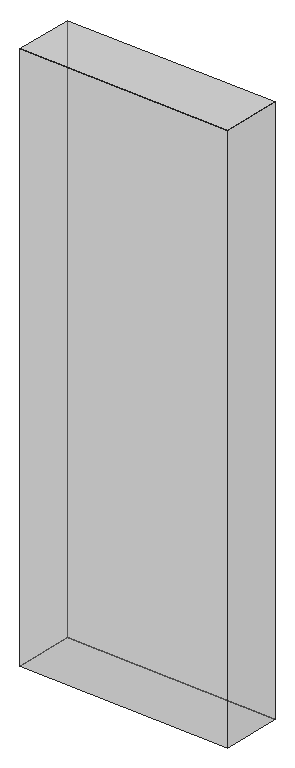
Revit family "BRU_ИнженернаяНиша_Вентиляция+К1_Префаб", category Шкафы, Revit 2021
Family settings
  На основе рабочей плоскости = Да
  Всегда вертикально = Да
  При загрузке вырезать с полостями = Нет
  Общий = Нет
  Точка принадлежности помещению = Нет
Parameters (values of type "Вентиляция 500х200+ К1 (d110)")
  Width = 200 mm
  ТолщинаВоздуховод = 15 mm
  Default Elevation = 1219.2 mm
  Материал = Инженерная ниша(Вентиляция)
  Комментарии к типоразмеру = "Санузел раздельный и совмещеный: канализация, холодная, горячая вода, без канализации трапа"
  Manufacturer = ""
  Глубина спутника = 205.721 mm
  Вентиляция + К1 (1й этаж) = no
  Вентиляция + К1 = no
  Вентиляция (1й этаж) = no
  Вентиляция = yes
  ADSK_Размер_Ширина = 200 mm
  ADSK_Размер_Глубина = 500 mm
  ADSK_Размер_Высота = 2820 mm
Reference planes
  plane 1 "По центру (Вперед/Назад)": y = 0
  plane 2: z = 0
  plane 3 "По центру (Влево/Вправо)": x = 0
  plane 4: x = -250
  plane 5: x = 250
  plane 6: y = 100
  plane 7: y = -100
  plane 8: x = 865
  plane 9: x = 550
  plane 10: x = 970
  plane 11: x = 145
  plane 12: y = 50
  plane 13: x = 700
  plane 14: x = 770
  plane 15: x = -10
  plane 16: x = 60
Forms (mm)
  Extrusion 1, solid, material "Инженерная ниша(Вентиляция)" <- "Материал", visible <- "Вентиляция + К1 (1й этаж)"
    sketch origin (0, 0, 0) x (1, 0, 0) y (0, 1, 0)
      loop
        line (-250, 100) -> (-250, -100) -> (250, -100) -> (250, 100) -> (-250, 100)
    from 0 to 2820 <- "ADSK_Размер_Высота"
  Extrusion 2, solid, material "Инженерная ниша(Вентиляция)" <- "Материал", visible <- "Вентиляция + К1"
    sketch origin (0, 0, 0) x (1, 0, 0) y (0, 1, 0)
      loop
        line (-250, 100) -> (-250, -100) -> (250, -100) -> (250, 100) -> (-250, 100)
      loop
        line (-235, 85) -> (-235, -85) -> (235, -85) -> (235, 85) -> (-235, 85)
    from 0 to 2820 <- "ADSK_Размер_Высота"
  Extrusion 3, solid, material "Инженерная ниша(К1)", visible <- "Вентиляция + К1"
    sketch origin (0, 0, 0) x (1, 0, 0) y (0, 1, 0)
      loop
        circle (865, 0) r 55
    from 0 to 2820 <- "ADSK_Размер_Высота"
  Extrusion 4, solid, material "Инженерная ниша(К1)", visible <- "Вентиляция + К1 (1й этаж)"
    sketch origin (0, 0, 0) x (1, 0, 0) y (0, 1, 0)
      loop
        circle (145, 50) r 55
    from 0 to 2820 <- "ADSK_Размер_Высота"
  Extrusion 5, solid, material "Инженерная ниша(Вентиляция)" <- "Материал", visible <- "Вентиляция + К1"
    sketch origin (0, 0, 0) x (1, 0, 0) y (0, 1, 0)
      loop
        line (-300, 150) -> (-300, -150) -> (970, -150) -> (970, 150) -> (-300, 150)
    from 0 to 2820 <- "ADSK_Размер_Высота"
  Extrusion 6, solid, material "Инженерная ниша(Вентиляция)" <- "Материал", visible <- "Вентиляция"
    sketch origin (0, 0, 0) x (1, 0, 0) y (0, 1, 0)
      loop
        line (-300, 200) -> (-300, -100) -> (760, -100) -> (760, 200) -> (-300, 200)
    from 0 to 2820 <- "ADSK_Размер_Высота"
  Extrusion 7, solid, material "Инженерная ниша(Вентиляция)" <- "Материал", visible <- "Вентиляция (1й этаж)"
    sketch origin (0, 0, 0) x (1, 0, 0) y (0, 1, 0)
      loop
        line (527.139, 100) -> (527.139, -100) -> (732.861, -100) -> (732.861, 100) -> (527.139, 100)
    from 0 to 250
Lines and regions (mm)
  symbolic lines, style "Casework", not visible
    curve 1: circle (0, 0, 0) r 50 normal (0, 0, 1)
    curve 2: circle (0, 100, 0) r 25 normal (0, 0, 1)
    curve 3: circle (0, 200, 0) r 25 normal (0, 0, 1)
    curve 4: circle (-60, 300, 0) r 25 normal (0, 0, 1)
    curve 5: circle (0, 100, 0) r 35 normal (0, 0, 1)
    curve 6: circle (-255, 100, 0) r 25 normal (0, 0, 1)
    curve 7: circle (50, 100, 0) r 25 normal (0, 0, 1)
    curve 8: line (-70, 40, 0) -> (-30, 40, 0)
    curve 9: line (-70, -40, 0) -> (-70, 40, 0)
    curve 10: line (-30, -40, 0) -> (-70, -40, 0)
    curve 11: line (70, 40, 0) -> (30, 40, 0)
    curve 12: line (70, -40, 0) -> (70, 40, 0)
    curve 13: line (30, -40, 0) -> (70, -40, 0)
Dimensions and locks
  equal spacing: plane 4, plane 3 "По центру (Влево/Вправо)", plane 5
  "ADSK_Размер_Ширина": plane 6 to plane 7
  "ADSK_Размер_Глубина": plane 4 to plane 5
  plane 1 "По центру (Вперед/Назад)" to plane 7 = 100 mm
  locked: plane 1 "По центру (Вперед/Назад)" to curve 2 at 100
  locked: curve 3 to curve 2 at 100
  locked: curve 3 to curve 4 at 100
  locked: plane 1 "По центру (Вперед/Назад)" to curve 5 at 100
  curve 9 to plane 3 "По центру (Влево/Вправо)" to curve 12 = 70 mm locked, 70 mm locked
  "ТолщинаВоздуховод": Extrusion 2 sketch curve to plane 5
  "ТолщинаВоздуховод": plane 6 to Extrusion 2 sketch curve
  "ТолщинаВоздуховод": Extrusion 2 sketch curve to plane 7
  "ТолщинаВоздуховод": plane 4 to Extrusion 2 sketch curve
  plane 4 to plane 8 = 1115 mm
  nested 1 to plane 4 to plane 5 to nested 1 = 50 mm, 500 mm, 380 mm
  plane 9 to nested 1 = 80 mm
  locked: plane 5 to plane 8 at 615
  equal spacing: plane 6, Extrusion 3 sketch curve, plane 7
  plane 11 to plane 5 = 105 mm
  locked: plane 12 to plane 7 at 150
  plane 13 to plane 14 = 70 mm
  locked: plane 8 to plane 10 at 105
  nested 1 to Extrusion 5 = 1270 mm
  plane 15 to plane 16 = 70 mm
  equal spacing: Extrusion 7 sketch curve, nested 4, Extrusion 7 sketch curve
  "Глубина спутника": Extrusion 7 sketch curve to Extrusion 7 sketch curve
  radius of Extrusion 4 sketch curve = 55 mm
  aligned and locked: level to plane 2
  aligned and locked: plane 6 to Extrusion 1
  aligned and locked: plane 5 to Extrusion 1
  aligned and locked: Extrusion 1 to plane 7
  aligned and locked: Extrusion 1 to plane 4
  aligned and locked: plane 4 to Extrusion 2 sketch curve
  aligned and locked: Extrusion 2 sketch curve to plane 6
  aligned and locked: plane 7 to Extrusion 2 sketch curve
  aligned and locked: Extrusion 2 sketch curve to plane 5
  aligned and locked: Extrusion 2 to plane 2
  aligned and locked: plane 3 "По центру (Влево/Вправо)" to nested 1
  aligned and locked: plane 6 to nested 1
  aligned and locked: Extrusion 3 to plane 2
  aligned and locked: plane 3 "По центру (Влево/Вправо)" to nested 2
  aligned and locked: plane 6 to nested 2
  aligned and locked: nested 1 to Extrusion 5 sketch curve
  aligned and locked: Extrusion 5 sketch curve to nested 1  (x3)
  aligned and locked: Extrusion 5 to level
  aligned and locked: Extrusion 4 to level
  aligned and locked: plane 3 "По центру (Влево/Вправо)" to nested 3
  aligned and locked: nested 3 to plane 12
  aligned and locked: nested 3 to Extrusion 6 sketch curve  (x2)
  aligned and locked: Extrusion 6 sketch curve to nested 3  (x2)
  aligned and locked: Extrusion 6 to plane 2
  aligned and locked: nested 3 to nested 4
  aligned and locked: nested 4 to plane 12
  aligned and locked: Extrusion 7 sketch curve to plane 6
  aligned and locked: plane 7 to Extrusion 7 sketch curve
Automatic sketch dimensions
  Extrusion 1 sketch curve to plane 4 = 0 mm
  Extrusion 1 sketch curve to plane 5 = 0 mm
  Extrusion 1 sketch curve to plane 7 = 0 mm
  Extrusion 1 sketch curve to plane 6 = 0 mm
  Extrusion 3 sketch curve to plane 8 = 0 mm
  Extrusion 4 sketch curve to plane 11 = 0 mm
  Extrusion 4 sketch curve to plane 12 = 0 mm
  curve 2 to curve 5 = 0 mm
  curve 6 to plane 6 = 0 mm
  curve 5 to plane 3 "По центру (Влево/Вправо)" = 0 mm
  plane 1 "По центру (Вперед/Назад)" to curve 1 = 0 mm
  curve 1 to plane 3 "По центру (Влево/Вправо)" = 0 mm
  curve 3 to plane 3 "По центру (Влево/Вправо)" = 0 mm
  curve 7 to plane 6 = 0 mm
  curve 6 to plane 4 = 5 mm
  plane 16 to curve 7 = 10 mm
  plane 1 "По центру (Вперед/Назад)" to curve 12 = 40 mm
  plane 1 "По центру (Вперед/Назад)" to curve 10 = 40 mm
  curve 11 to plane 12 = 10 mm
  curve 8 to plane 12 = 10 mm
  plane 15 to curve 10 = 20 mm
  plane 15 to curve 4 = 50 mm
  radius of Extrusion 3 sketch curve = 55 mm
  radius of curve 2 = 25 mm
  radius of curve 3 = 25 mm
  radius of curve 4 = 25 mm
  radius of curve 5 = 35 mm
  radius of curve 6 = 25 mm
  radius of curve 7 = 25 mm
Nested families
  nested 1: "Обозначение вентшахты+К1" at (0, 0, 0), ADSK_Размер_Глубина <- "ADSK_Размер_Глубина", ADSK_Размер_Ширина <- "ADSK_Размер_Ширина", visible <- "Вентиляция + К1", type "Обозначение вентшахты"
    with ADSK_Размер_Ширина 200 mm, ADSK_Размер_Глубина 500 mm
  nested 2: "Обозначение вентшахты +К1 (1й этаж)" at (0, -50, 0), visible <- "Вентиляция + К1 (1й этаж)", Глубина <- "ADSK_Размер_Глубина", type "Обозначение вентшахты (1й этаж)"
    with Глубина 500 mm
  nested 3: "Обозначение вентшахты" at (0, 50, 0), ADSK_Размер_Глубина <- "ADSK_Размер_Глубина", ADSK_Размер_Ширина <- "ADSK_Размер_Ширина", visible <- "Вентиляция", type "Обозначение вентшахты"
    with ADSK_Размер_Ширина 200 mm, ADSK_Размер_Глубина 500 mm
  nested 4: "Обозначение вентшахты(1й этаж)" at (630, 50, 0), visible <- "Вентиляция (1й этаж)", type "Обозначение вентшахты (1й этаж)"
Definition of nested family "Обозначение вентшахты+К1"
  Parameters (values of type "Семейство1")
    Ширина Спутника = 160 mm
    ADSK_Размер_Ширина [instance] = 300 mm
    ADSK_Размер_Глубина [instance] = 500 mm
  Reference planes
    plane 1 "По центру (Вперед/Назад)": y = 0
    plane 2: z = 0
    plane 3 "По центру (Влево/Вправо)": x = 0
    plane 4: x = -250
    plane 5: x = 250
    plane 6: y = -150
    plane 7: y = 150
    plane 8: x = -300
    plane 9: x = 550
    plane 10: y = -200
    plane 11: y = 200
    plane 12: x = 710
    plane 13: y = -80
    plane 14: y = 80
    plane 15: x = 630
    plane 16: x = 970
  Lines and regions (mm)
    detail lines, in view "Опорный уровень"
      curve 1: line (-250, 150, 0) -> (250, 150, 0)
      curve 2: line (-250, -150, 0) -> (-250, 150, 0)
      curve 3: line (250, -150, 0) -> (-250, -150, 0)
      curve 4: line (250, 150, 0) -> (250, -150, 0)
      curve 5: line (-250, -150, 0) -> (-173.27, 55.927, 0)
      curve 6: line (-173.27, 55.927, 0) -> (250, 150, 0)
      curve 7: line (-300, 200, 0) -> (970, 200, 0)
      curve 8: line (-300, -200, 0) -> (-300, 200, 0)
      curve 9: line (970, -200, 0) -> (-300, -200, 0)
      curve 10: line (970, 200, 0) -> (970, -200, 0)
      curve 11: circle (630, 0, 0) r 80 normal (0, 0, 1)
      curve 12: arc (674.166, 66.704, 0) -> (588.47, 35.709, 0) -> (570.669, -53.665, 0) r 92.743
  Dimensions and locks
    equal spacing: plane 7, plane 1 "По центру (Вперед/Назад)", plane 6
    equal spacing: plane 4, plane 3 "По центру (Влево/Вправо)", plane 5
    "ADSK_Размер_Глубина": plane 4 to plane 5
    "ADSK_Размер_Ширина": plane 7 to plane 6
    locked: plane 11 to plane 7 at 50
    plane 5 to plane 9 = 300 mm
    locked: plane 6 to plane 10 at 50
    locked: plane 8 to plane 4 at 50
    "Ширина Спутника": plane 9 to plane 12
    equal spacing: plane 14, plane 1 "По центру (Вперед/Назад)", plane 13
    "Ширина Спутника": plane 14 to plane 13
    locked: plane 9 to plane 15 at 80
    locked: plane 15 to plane 16 at 340
    aligned and locked: curve 1 to plane 7
    aligned and locked: curve 4 to plane 5
    aligned and locked: plane 6 to curve 3
    aligned and locked: plane 8 to curve 8
    aligned and locked: curve 7 to plane 11
    aligned and locked: plane 10 to curve 9
    aligned and locked: plane 16 to curve 10
  Automatic sketch dimensions
    curve 3 to plane 4 = 0 mm
    plane 1 "По центру (Вперед/Назад)" to curve 11 = 0 mm
    curve 11 to plane 15 = 0 mm
    curve 6 to plane 4 = 76.73 mm
    plane 1 "По центру (Вперед/Назад)" to curve 12 = 24.756 mm
    curve 11 to curve 12 = 28.792 mm
    curve 5 to plane 1 "По центру (Вперед/Назад)" = 55.927 mm
    curve 12 to plane 15 = 59.331 mm
    plane 15 to curve 12 = 44.166 mm
Definition of nested family "Обозначение вентшахты +К1 (1й этаж)"
  Parameters (values of type "Семейство1")
    Ширина = 300 mm
    Глубина [instance] = 440 mm
  Reference planes
    plane 1 "По центру (Вперед/Назад)": y = 0
    plane 2: z = 0
    plane 3 "По центру (Влево/Вправо)": x = 0
    plane 4: x = -220
    plane 5: x = 220
    plane 6: y = 150
    plane 7: y = -150
    plane 8: x = -90
  Lines and regions (mm)
    detail lines, in view "Опорный уровень"
      curve 1: circle (-90, 0, 0) r 80 normal (0, 0, 1)
      curve 2: line (-116.575, -75.457, 0) -> (-40.092, 62.523, 0)
      curve 3: line (-220, 150, 0) -> (220, 150, 0)
      curve 4: line (-220, -150, 0) -> (-220, 150, 0)
      curve 5: line (220, -150, 0) -> (-220, -150, 0)
      curve 6: line (220, 150, 0) -> (220, -150, 0)
  Dimensions and locks
    equal spacing: plane 6, plane 1 "По центру (Вперед/Назад)", plane 7
    equal spacing: plane 4, plane 3 "По центру (Влево/Вправо)", plane 5
    "Глубина": plane 4 to plane 5
    "Ширина": plane 6 to plane 7
    locked: plane 4 to plane 8 at 130
    aligned and locked: plane 4 to curve 4
    aligned and locked: curve 3 to plane 6
    aligned and locked: curve 6 to plane 5
    aligned and locked: plane 7 to curve 5
  Automatic sketch dimensions
    plane 1 "По центру (Вперед/Назад)" to curve 1 = 0 mm
    curve 1 to plane 8 = 0 mm
    curve 2 to plane 8 = 26.575 mm
    plane 8 to curve 2 = 49.908 mm
    plane 1 "По центру (Вперед/Назад)" to curve 2 = 75.457 mm
Definition of nested family "Обозначение вентшахты"
  Parameters (values of type "Обозначение вентшахты")
    Ширина Спутника = 210 mm
    ADSK_Размер_Ширина [instance] = 300 mm
    ADSK_Размер_Глубина [instance] = 500 mm
  Reference planes
    plane 1 "По центру (Вперед/Назад)": y = 0
    plane 2: z = 0
    plane 3 "По центру (Влево/Вправо)": x = 0
    plane 4: x = -250
    plane 5: x = 250
    plane 6: y = -150
    plane 7: y = 150
    plane 8: x = -300
    plane 9: x = 550
    plane 10: y = -200
    plane 11: y = 200
    plane 12: x = 760
    plane 13: y = -105
    plane 14: y = 105
    plane 15: x = 630
  Lines and regions (mm)
    detail lines, in view "Опорный уровень"
      curve 1: line (-250, 150, 0) -> (250, 150, 0)
      curve 2: line (-250, -150, 0) -> (-250, 150, 0)
      curve 3: line (250, -150, 0) -> (-250, -150, 0)
      curve 4: line (250, 150, 0) -> (250, -150, 0)
      curve 5: line (-250, -150, 0) -> (-173.27, 55.927, 0)
      curve 6: line (-173.27, 55.927, 0) -> (250, 150, 0)
      curve 7: line (-300, 200, 0) -> (760, 200, 0)
      curve 8: line (-300, -200, 0) -> (-300, 200, 0)
      curve 9: line (760, -200, 0) -> (-300, -200, 0)
      curve 10: line (760, 200, 0) -> (760, -200, 0)
      curve 11: circle (630, 0, 0) r 80 normal (0, 0, 1)
      curve 12: arc (674.166, 66.704, 0) -> (588.47, 35.709, 0) -> (570.669, -53.665, 0) r 92.743
  Dimensions and locks
    equal spacing: plane 7, plane 1 "По центру (Вперед/Назад)", plane 6
    equal spacing: plane 4, plane 3 "По центру (Влево/Вправо)", plane 5
    "ADSK_Размер_Глубина": plane 4 to plane 5
    "ADSK_Размер_Ширина": plane 7 to plane 6
    locked: plane 11 to plane 7 at 50
    plane 5 to plane 9 = 300 mm
    locked: plane 6 to plane 10 at 50
    locked: plane 8 to plane 4 at 50
    "Ширина Спутника": plane 9 to plane 12
    equal spacing: plane 14, plane 1 "По центру (Вперед/Назад)", plane 13
    "Ширина Спутника": plane 14 to plane 13
    locked: plane 9 to plane 15 at 80
    aligned and locked: curve 1 to plane 7
    aligned and locked: curve 4 to plane 5
    aligned and locked: plane 6 to curve 3
    aligned and locked: plane 8 to curve 8
    aligned and locked: curve 7 to plane 11
    aligned and locked: plane 10 to curve 9
    aligned and locked: curve 10 to plane 12
  Automatic sketch dimensions
    curve 3 to plane 4 = 0 mm
    plane 1 "По центру (Вперед/Назад)" to curve 11 = 0 mm
    curve 11 to plane 15 = 0 mm
    curve 6 to plane 4 = 76.73 mm
    plane 1 "По центру (Вперед/Назад)" to curve 12 = 24.756 mm
    curve 11 to curve 12 = 28.792 mm
    curve 5 to plane 1 "По центру (Вперед/Назад)" = 55.927 mm
    curve 12 to plane 15 = 59.331 mm
    plane 15 to curve 12 = 44.166 mm
Definition of nested family "Обозначение вентшахты(1й этаж)"
  Parameters (values of type "Обозначение вентшахты (1й этаж)")
    Ширина спутника = 300 mm
    Глубина спутника = 260 mm
  Reference planes
    plane 1 "По центру (Вперед/Назад)": y = 0
    plane 2: z = 0
    plane 3 "По центру (Влево/Вправо)": x = 0
    plane 4: x = -130
    plane 5: x = 130
    plane 6: y = 150
    plane 7: y = -150
    plane 8: x = 0
  Lines and regions (mm)
    detail lines, in view "Опорный уровень"
      curve 1: circle (0, 0, 0) r 80 normal (0, 0, 1)
      curve 2: line (-26.575, -75.457, 0) -> (49.908, 62.523, 0)
      curve 3: line (-130, 150, 0) -> (130, 150, 0)
      curve 4: line (-130, -150, 0) -> (-130, 150, 0)
      curve 5: line (130, -150, 0) -> (-130, -150, 0)
      curve 6: line (130, 150, 0) -> (130, -150, 0)
  Dimensions and locks
    equal spacing: plane 6, plane 1 "По центру (Вперед/Назад)", plane 7
    equal spacing: plane 4, plane 3 "По центру (Влево/Вправо)", plane 5
    "Глубина спутника": plane 4 to plane 5
    "Ширина спутника": plane 6 to plane 7
    locked: plane 4 to plane 8 at 130
    aligned and locked: plane 4 to curve 4
    aligned and locked: curve 3 to plane 6
    aligned and locked: curve 6 to plane 5
    aligned and locked: plane 7 to curve 5
  Automatic sketch dimensions
    plane 1 "По центру (Вперед/Назад)" to curve 1 = 0 mm
    curve 1 to plane 8 = 0 mm
    curve 2 to plane 8 = 26.575 mm
    plane 8 to curve 2 = 49.908 mm
    plane 1 "По центру (Вперед/Назад)" to curve 2 = 75.457 mm
